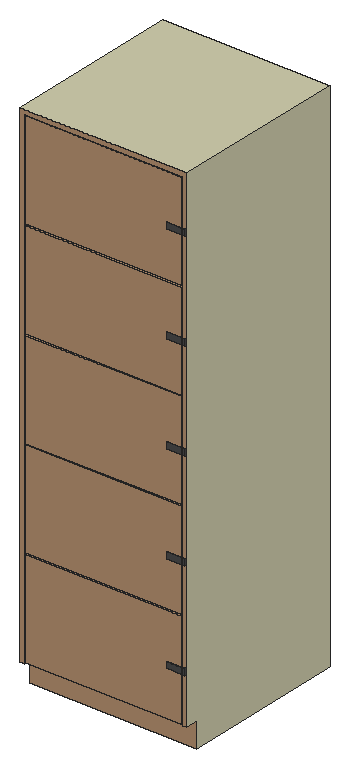
Revit family "Cabinet_Wenger_UltraStor_47", category Furniture, Revit 2015
Parameters (values of type "UltraStor Cabinet #47 - Comp Wood Doors")
  URL = "https://www.wengercorp.com/"
  Type Comments = ""
  Specification = "http://www.arcat.com/sdspecs/htm04/12_35_83wen.htm"
  Shelf Thickness = 0' - 1 1/8"
  Sales Information = "https://www.wengercorp.com/contact-us.php"
  Revision = "R1_2018-04"
  Rear Panel Thickness = 0' - 0 3/4"
  Product Data = "http://www.arcat.com/arcatcos/cos36/arc36487.html"
  Manufacturer Website = "https://www.wengercorp.com/"
  Manufacturer Phone - Toll Free = "800-4WENGER"
  Manufacturer Phone = "(507) 455-4100"
  Manufacturer Fax = "(507) 455-4258"
  Manufacturer Address = "555 Park Dr., Owatonna, MN 55060"
  Keynote = "12 35 83"
  HasDoors = yes
  Green Building-LEED = "http://www.arcat.com/green/clients/leed_data_36487.html"
  Drawn By = "Sumex Design, Inc. / Robert S. Weygant, CSI, CDT, SCIP"
  Door Width = (Cabinet Width - 0' 1 1/2")  # 2' - 2"
  Door Style = Door_Base : Solid Door
  Door Material [instance] = Wenger Cherry (Use Cherry Edge Band Only)
  Toe Kick Material [instance] = Wenger Cherry (Use Cherry Edge Band Only)
  RH End Panel [instance] = no
  Model = "#47"
  Manufacturer = "Wenger Corporation"
  LH End Panel [instance] = no
  End Panel Material [instance] = Wenger Cherry (Use Cherry Edge Band Only)
  Edge Banding Material [instance] = Wenger Cherry (Use Cherry Edge Band Only)
  Door Height = (Cabinet Height - 0' 4 3/4") / 5  # 1' - 4.175"
  Cost = 0
  Copyright = "© 2018 Arcat Inc."
  Construction Details = "http://www.arcat.com/details/wengerco/wengerco.html?coid=36487"
  Body Material [instance] = Wenger - Oyster
  Description = "Wenger UltraStor Cabinet #47 - Comp Wood Doors"
  Cabinet Width = 2' - 3 1/2"
  Cabinet Height = 7' - 1 5/8"
  Installed Depth = 2' - 5 1/4"
  Cabinet Panel Thickness = 0' - 0 3/4"
  Assembly Code = "E2010200"
Types (14): name | Rear Panel Thickness | HasDoors | Door Width | Door Style | Door Material | Model | Description | Cabinet Width | Installed Depth
  Acoustic Cabinet #47 - No Doors | 0' - 3 1/4" | no | 2' - 2" | Door_Base : Solid Door | none | "#47A" | "Wenger Acoustic Cabinet #47 - No Doors" | 2' - 3 1/2" | 2' - 7 3/4"
  Narrow Acoustic Cabinet #47 - No Doors | 0' - 3 1/4" | no | 1' - 8" | Door_Base : Solid Door | none | "#47NA" | "Wenger Narrow Acoustic Cabinet #47 - No Doors" | 1' - 9 1/2" | 2' - 7 3/4"
  Acoustic Cabinet #47 - Comp Waterfall Grille Doors | 0' - 3 1/4" | yes | 2' - 2" | Door_Base : Waterfall | Painted Black | "#47A" | "Wenger Acoustic Cabinet #47 - Comp Waterfall Grille Doors" | 2' - 3 1/2" | 2' - 7 3/4"
  Narrow Acoustic Cabinet #47 - Comp Grille Doors | 0' - 3 1/4" | yes | 1' - 8" | Door_Base : Bars | Painted Black | "#47NA" | "Wenger Narrow Acoustic Cabinet #47 - Comp Grille Doors" | 1' - 9 1/2" | 2' - 7 3/4"
  Narrow Acoustic Cabinet #47 - Comp Waterfall Grille Doors | 0' - 3 1/4" | yes | 1' - 8" | Door_Base : Waterfall | Painted Black | "#47NA" | "Wenger Narrow Acoustic Cabinet #47 - Comp Waterfall Grille Doors" | 1' - 9 1/2" | 2' - 7 3/4"
  Acoustic Cabinet #47 - Comp Grille Doors | 0' - 3 1/4" | yes | 2' - 2" | Door_Base : Bars | Painted Black | "#47A" | "Wenger Acoustic Cabinet #47 - Comp Grille Doors" | 2' - 3 1/2" | 2' - 7 3/4"
  Narrow UltraStor Cabinet #47 - No Doors | 0' - 0 3/4" | no | 1' - 8" | Door_Base : Solid Door | none | "#47N" | "Wenger Narrow Cabinet #47 - No Doors" | 1' - 9 1/2" | 2' - 5 1/4"
  Narrow UltraStor Cabinet #47 - Comp Waterfall Grille Doors | 0' - 0 3/4" | yes | 1' - 8" | Door_Base : Waterfall | Painted Black | "#47N" | "Wenger Narrow Cabinet #47 - Comp Waterfall Grille Doors" | 1' - 9 1/2" | 2' - 5 1/4"
  Narrow UltraStor Cabinet #47 - Comp Grille Doors | 0' - 0 3/4" | yes | 1' - 8" | Door_Base : Bars | Painted Black | "#47N" | "Wenger Narrow Cabinet #47 - Comp Grille Doors" | 1' - 9 1/2" | 2' - 5 1/4"
  Narrow UltraStor Cabinet #47 - Comp Wood Doors | 0' - 0 3/4" | yes | 1' - 8" | Door_Base : Solid Door | Wenger Cherry (Use Cherry Edge Band Only) | "#47N" | "Wenger Narrow Cabinet #47 - Comp Wood Doors" | 1' - 9 1/2" | 2' - 5 1/4"
  UltraStor Cabinet #47 - Comp Waterfall Grille Doors | 0' - 0 3/4" | yes | 2' - 2" | Door_Base : Waterfall | Painted Black | "#47" | "Wenger UltraStor Cabinet #47 - Comp Waterfall Grille Doors" | 2' - 3 1/2" | 2' - 5 1/4"
  UltraStor Cabinet #47 - Comp Grille Doors | 0' - 0 3/4" | yes | 2' - 2" | Door_Base : Bars | Painted Black | "#47" | "Wenger UltraStor Cabinet #47 - Comp Grille Doors" | 2' - 3 1/2" | 2' - 5 1/4"
  UltraStor Cabinet #47 - Comp Wood Doors | 0' - 0 3/4" | yes | 2' - 2" | Door_Base : Solid Door | Wenger Cherry (Use Cherry Edge Band Only) | "#47" | "Wenger UltraStor Cabinet #47 - Comp Wood Doors" | 2' - 3 1/2" | 2' - 5 1/4"
  UltraStor Cabinet #47 - No Doors | 0' - 0 3/4" | no | 2' - 2" | Door_Base : Solid Door | none | "#47" | "Wenger UltraStor Cabinet #47 - No Doors" | 2' - 3 1/2" | 2' - 5 1/4"
Reference planes (in)
  plane 1 "Front": y = 0
  plane 2: z = 0
  plane 3 "Left": x = 0
  plane 4 "Right": x = 27.5
  plane 5 "Back": y = 29.25
  plane 6 "Top": z = 85.625
  plane 7: z = 4
  plane 8: z = 20.175
  plane 9: z = 36.35
  plane 10: z = 52.525
  plane 11: z = 68.7
  plane 12: x = 0.75
  plane 13: x = 26.75
  plane 14: z = 84.875
  plane 15: x = 13.75
  plane 16: y = 28.5
  plane 17: y = 2
  plane 18: y = 0.75
  plane 19: z = 21.3
  plane 20: z = 37.475
  plane 21: z = 53.65
  plane 22: z = 69.825
  plane 23: z = 5.125
Forms (in)
  Extrusion 1, solid, material "Wenger - Oyster" <- "Body Material"
    sketch origin (0, 0, 0) x (0, 1, 0) y (0, 0, 1)
      loop
        line (0, 85.625) -> (0, 4) -> (2, 4) -> (2, 0) -> (29.25, 0) -> (29.25, 85.625) -> (0, 85.625)
    from 0 to 27.5
  Extrusion 2, void
    sketch origin (0, 0, 0) x (0, 1, 0) y (0, 0, 1)
      loop
        line (-5.5, 84.875) -> (-5.5, 4) -> (0.75, 4)
        arc (0.75, 4) -> (1.15915, 4.80234) -> (2, 5.125) r 1.25694
        line (2, 5.125) -> (28.5, 5.125) -> (28.5, 20.175) -> (0.75, 20.175)
        arc (0.75, 20.175) -> (1.18296, 20.95088) -> (2, 21.3) r 1.375
        line (2, 21.3) -> (28.5, 21.3) -> (28.5, 36.35) -> (0.75, 36.35)
        arc (0.75, 36.35) -> (1.18296, 37.12588) -> (2, 37.475) r 1.375
        line (2, 37.475) -> (28.5, 37.475) -> (28.5, 52.525) -> (0.75, 52.525)
        arc (0.75, 52.525) -> (1.18296, 53.30088) -> (2, 53.65) r 1.375
        line (2, 53.65) -> (28.5, 53.65) -> (28.5, 68.7) -> (0.75, 68.7)
        arc (0.75, 68.7) -> (1.18296, 69.47588) -> (2, 69.825) r 1.375
        line (2, 69.825) -> (28.5, 69.825) -> (28.5, 84.875) -> (-5.5, 84.875)
    from 0.75 to 26.75
  Extrusion 3, void
    sketch origin (0, 0, 0) x (0, 1, 0) y (0, 0, 1)
      loop
        line (0, 84.875) -> (0, 4) -> (0.0625, 4) -> (0.0625, 84.875) -> (0, 84.875)
    from 0.75 to 26.75
Cuts and joins
  Extrusion 2, Extrusion 3 cuts Extrusion 1
Lines and regions (in)
  Masking region 1
    outline origin (0, 0, 0) x (1, 0, 0) y (0, 1, 0)
      loop
        line (0, 29.25) -> (0, 0) -> (27.5, 0) -> (27.5, 29.25) -> (0, 29.25)
Dimensions and locks (in)
  "Cabinet Panel Thickness": plane 3 "Left" to plane 12
  "Cabinet Panel Thickness": plane 13 to plane 4 "Right"
  "Cabinet Panel Thickness": plane 5 "Back" to plane 16
  locked: plane 1 "Front" to plane 18 at 0.75
  locked: plane 1 "Front" to plane 17 at 2
  "Shelf Thickness": plane 19 to plane 8
  "Shelf Thickness": plane 20 to plane 9
  "Shelf Thickness": plane 21 to plane 10
  "Shelf Thickness": plane 22 to plane 11
  "Cabinet Panel Thickness": plane 6 "Top" to plane 14
  equal spacing: plane 14, plane 11, plane 10, plane 9, plane 8, plane 7
  "Shelf Thickness": plane 23 to plane 7
  "Cabinet Width": plane 3 "Left" to plane 4 "Right"
  locked: plane 7 to level at 4
  "Cabinet Height": plane 6 "Top" to level
  "Installed Depth": plane 1 "Front" to plane 5 "Back"
  plane 3 "Left" to plane 4 "Right" = 2' - 3 1/2"
  equal spacing: plane 5 "Back", nested 2, plane 1 "Front"
  equal spacing: plane 12, plane 15, plane 13
  aligned and locked: Extrusion 1 sketch curve to plane 6 "Top"
  aligned and locked: Extrusion 1 sketch curve to plane 5 "Back"
  aligned and locked: Extrusion 1 sketch curve to plane 1 "Front"
  aligned and locked: Extrusion 1 sketch curve to plane 7
  aligned and locked: Extrusion 1 sketch curve to plane 17
  aligned and locked: Extrusion 1 sketch curve to level
  aligned and locked: Extrusion 1 to plane 4 "Right"
  aligned and locked: Extrusion 1 to plane 3 "Left"
  aligned and locked: Extrusion 2 sketch curve to plane 14
  aligned and locked: Extrusion 2 sketch curve to plane 16
  aligned and locked: Extrusion 2 sketch curve to plane 11
  aligned and locked: Extrusion 2 sketch curve to plane 21
  aligned and locked: Extrusion 2 sketch curve to plane 10
  aligned and locked: Extrusion 2 sketch curve to plane 20
  aligned and locked: Extrusion 2 sketch curve to plane 9
  aligned and locked: Extrusion 2 sketch curve to plane 19
  aligned and locked: Extrusion 2 sketch curve to plane 8
  aligned and locked: Extrusion 2 sketch curve to plane 23
  aligned and locked: Extrusion 2 sketch curve to plane 22
  aligned and locked: Extrusion 2 to plane 12
  aligned and locked: Extrusion 3 sketch curve to cut or joined group of Extrusion 1, Extrusion 2, Extrusion 3  (x3)
  aligned and locked: Extrusion 3 to plane 13
  aligned and locked: Extrusion 3 to plane 12
  aligned and locked: nested 3 to plane 12
  aligned and locked: nested 3 to plane 11
  aligned and locked: plane 14 to nested 3
  aligned and locked: plane 11 to cut or joined group of Extrusion 1, Extrusion 2, Extrusion 3
  aligned and locked: plane 11 to nested 4
  aligned and locked: nested 4 to plane 10
  aligned and locked: plane 10 to nested 5
  aligned and locked: nested 5 to plane 9
  aligned and locked: plane 9 to nested 6
  aligned and locked: nested 6 to plane 8
  aligned and locked: plane 8 to nested 7
  aligned and locked: nested 4 to plane 12
  aligned and locked: nested 5 to plane 12
  aligned and locked: nested 6 to plane 12
  aligned and locked: nested 7 to plane 12
  aligned and locked: plane 7 to cut or joined group of Extrusion 1, Extrusion 2, Extrusion 3
  aligned and locked: nested 7 to plane 7
  aligned and locked: plane 18 to Extrusion 2 sketch curve
  aligned and locked: plane 1 "Front" to nested 8
  aligned and locked: nested 8 to level
  aligned and locked: nested 8 to plane 4 "Right"
  aligned and locked: Masking region 1 sketch curve to plane 5 "Back"
  aligned and locked: Masking region 1 sketch curve to plane 1 "Front"
  aligned and locked: plane 3 "Left" to Masking region 1 sketch curve
  aligned and locked: plane 4 "Right" to Masking region 1 sketch curve
  aligned and locked: cut or joined group of Extrusion 1, Extrusion 2, Extrusion 3 to plane 13
  aligned and locked: plane 15 to nested 2
Automatic sketch dimensions
  plane 18 to Extrusion 3 sketch curve = 0' - 0 11/16"
  Extrusion 2 sketch curve to plane 7 = 0' - 0"
  Extrusion 2 sketch curve to plane 18 = 0' - 0"  (x4)
  Extrusion 2 sketch curve to plane 17 = 0' - 0"  (x5)
  Extrusion 2 sketch curve to plane 16 = 0' - 0"  (x4)
  plane 1 "Front" to Extrusion 2 sketch curve = 0' - 5 1/2"
  Extrusion 2 sketch curve to plane 17 = 0' - 0.10279"  (x4)
Nested families (in)
  nested 1: "End Panel" at (0, 14.25, 0) x (0, -1, 0) z (0, 0, 1), End Panel Material <- "End Panel Material", visible <- "LH End Panel", Edge Banding Material <- "Edge Banding Material", type "End Panel"
    with End Panel Material Wenger Cherry (Use Cherry Edge Band Only), Edge Banding Material Wenger Cherry (Use Cherry Edge Band Only), End Panel Depth 2' - 5 1/4"
  nested 2: "Labels" at (13.75, 14.625, 0), type "Labels"
  nested 3: "Door_Base" at (13.75, 0, 68.7) x (1, 0, 0) z (0, -1, 0), type <- "Door Style", Height <- "Door Height", Width <- "Door Width", visible <- "HasDoors", type "Solid Door", detail levels medium+fine
    with vBars 24, Width 2' - 2", ToeKick Height 0' - 4", MidBar no, Height 1' - 4.175", BarHt 1' - 3.675", 2HzBars no
  nested 4: "Door_Base" at (13.75, 0, 52.525) x (1, 0, 0) z (0, -1, 0), type <- "Door Style", Height <- "Door Height", Width <- "Door Width", visible <- "HasDoors", type "Solid Door", detail levels medium+fine
    with vBars 24, Width 2' - 2", ToeKick Height 0' - 4", MidBar no, Height 1' - 4.175", BarHt 1' - 3.675", 2HzBars no
  nested 5: "Door_Base" at (13.75, 0, 36.35) x (1, 0, 0) z (0, -1, 0), type <- "Door Style", Height <- "Door Height", Width <- "Door Width", visible <- "HasDoors", type "Solid Door", detail levels medium+fine
    with vBars 24, Width 2' - 2", ToeKick Height 0' - 4", MidBar no, Height 1' - 4.175", BarHt 1' - 3.675", 2HzBars no
  nested 6: "Door_Base" at (13.75, 0, 20.175) x (1, 0, 0) z (0, -1, 0), type <- "Door Style", Height <- "Door Height", Width <- "Door Width", visible <- "HasDoors", type "Solid Door", detail levels medium+fine
    with vBars 24, Width 2' - 2", ToeKick Height 0' - 4", MidBar no, Height 1' - 4.175", BarHt 1' - 3.675", 2HzBars no
  nested 7: "Door_Base" at (13.75, 0, 4) x (1, 0, 0) z (0, -1, 0), type <- "Door Style", Height <- "Door Height", Width <- "Door Width", visible <- "HasDoors", type "Solid Door", detail levels medium+fine
    with vBars 24, Width 2' - 2", ToeKick Height 0' - 4", MidBar no, Height 1' - 4.175", BarHt 1' - 3.675", 2HzBars no
  nested 8: "End Panel" at (28.25, 14.25, 0) x (0, -1, 0) z (0, 0, 1), End Panel Material <- "End Panel Material", Edge Banding Material <- "Edge Banding Material", visible <- "RH End Panel", type "End Panel"
    with End Panel Material Wenger Cherry (Use Cherry Edge Band Only), Edge Banding Material Wenger Cherry (Use Cherry Edge Band Only), End Panel Depth 2' - 5 1/4"
Definition of nested family "End Panel"
  Parameters (values of type "End Panel")
    End Panel Material [instance] = none
    End Panel Height = 7' - 1 5/8"
    End Panel Depth = 1' - 9 3/4"
    Edge Banding Material [instance] = none
    Default Elevation = 4' - 0"
    Assembly Code = ""
  Reference planes (in)
    plane 1 "Center (Front/Back)": y = 0
    plane 2: z = 0
    plane 3 "Center (Left/Right)": x = 0
    plane 4: x = -15
    plane 5: x = 6.75
    plane 6: z = 4
    plane 7: x = 4.75
    plane 8: z = 85.625
    plane 9: y = -0.75
  Forms (in)
    Extrusion 1, solid, material <- "End Panel Material"
      sketch origin (0, 0, 0) x (1, 0, 0) y (0, 0, 1)
        loop
          line (-15, 85.625) -> (-15, 0) -> (4.75, 0) -> (4.75, 4) -> (6.75, 4) -> (6.75, 85.625) -> (-15, 85.625)
      from 0 to 0.75
  Lines and regions (in)
    Masking region 1, detail levels coarse+medium
      outline origin (0, 0, 0) x (1, 0, 0) y (0, 1, 0)
        loop
          line (-15, 0) -> (-15, -0.75) -> (6.75, -0.75) -> (6.75, 0) -> (-15, 0)
  Dimensions and locks (in)
    locked: plane 7 to plane 5 at 2
    locked: plane 6 to level at 4
    "End Panel Height": plane 8 to level
    "End Panel Depth": plane 5 to plane 4
    locked: plane 9 to plane 1 "Center (Front/Back)" at 0.75
    aligned and locked: plane 4 to Extrusion 1 sketch curve
    aligned and locked: level to Extrusion 1 sketch curve
    aligned and locked: plane 7 to Extrusion 1 sketch curve
    aligned and locked: plane 6 to Extrusion 1 sketch curve
    aligned and locked: Extrusion 1 sketch curve to plane 5
    aligned and locked: Extrusion 1 sketch curve to plane 8
    aligned and locked: Extrusion 1 to plane 9
    aligned and locked: Extrusion 1 to plane 1 "Center (Front/Back)"
    aligned and locked: plane 4 to Masking region 1 sketch curve
    aligned and locked: Masking region 1 sketch curve to plane 5
    aligned and locked: plane 1 "Center (Front/Back)" to Masking region 1 sketch curve
    aligned and locked: plane 9 to Masking region 1 sketch curve
Definition of nested family "Door_Base"
  Parameters (values of type "None")
    vBars [instance] = (Width - 0' 2") / 0' 1"  # 6
    Width [instance] = 0' - 8"
    ToeKick Height [instance] = 0' - 4"
    Thickness = 0' - 0 3/4"
    Solid Door = no
    Shelf Thickness = 0' - 0 3/4"
    Panel Thickness = 0' - 0 3/4"
    MidBar [instance] = and(Height < 1' 6", HasDoor, not(Solid Door))  # no
    Height [instance] = 1' - 2 5/8"
    HasDoor = no
    Edge Banding = none
    DoorGap = 0' - 0 1/8"
    Door Finish = none
    Depth = 2' - 0"
    Default Elevation = 4' - 0"
    Bars = no
    BarStyle = Bars : Waterfall
    BarHt [instance] = Height - 0' 0 1/2"  # 1' - 2 1/8"
    2HzBars [instance] = and(Height > 1' 6", not(Solid Door))  # no
  Types (4): name | Thickness | Solid Door | MidBar | HasDoor | Bars | BarStyle
    Solid Door | 0' - 0 3/4" | yes | no | yes | no | Bars : Waterfall
    Bars | 0' - 0 1/4" | no | yes | yes | yes | Bars : Straight
    Waterfall | 0' - 0 3/4" | no | yes | yes | yes | Bars : Waterfall
    None | 0' - 0 3/4" | no | no | no | no | Bars : Waterfall
  Reference planes (in)
    plane 1 "Center (Front/Back)": y = 0
    plane 2: z = 0
    plane 3 "Center (Left/Right)": x = 0
    plane 4: x = -4
    plane 5: y = 14.625
    plane 6: x = 4
    plane 7: z = -0.75
    plane 8: x = -3.875
    plane 9: x = 3.875
    plane 10: y = 0.125
    plane 11: y = 14.5
    plane 12: y = -0.75
    plane 13 "CL Elev": y = 7.3125
    plane 14: x = -3.75
    plane 15: x = 3.75
    plane 16 "BtmRail": y = 0.25
    plane 17: y = 14.375
    plane 18: z = -0.125
    plane 19: x = -2.75
    plane 20: x = 2.75
    plane 21: y = 9.66667
    plane 22: y = 4.95833
  Forms (in)
    Extrusion 1, solid, material <- "Door Finish", visible <- "Solid Door", detail levels medium+fine
      sketch origin (0, 0, 0) x (1, 0, 0) y (0, 1, 0)
        loop
          arc (-3.75, 14.5) -> (-3.83839, 14.46339) -> (-3.875, 14.375) r 0.125
          line (-3.875, 14.375) -> (-3.875, 0.25)
          arc (-3.875, 0.25) -> (-3.83839, 0.16161) -> (-3.75, 0.125) r 0.125
          line (-3.75, 0.125) -> (3.75, 0.125)
          arc (3.75, 0.125) -> (3.83839, 0.16161) -> (3.875, 0.25) r 0.125
          line (3.875, 0.25) -> (3.875, 14.375)
          arc (3.875, 14.375) -> (3.83839, 14.46339) -> (3.75, 14.5) r 0.125
          line (3.75, 14.5) -> (-3.75, 14.5)
      from 0 to -0.75
    Sweep 2, solid, material <- "Door Finish", visible <- "Bars", detail levels medium+fine
      path origin (0, 0, 0) x (1, 0, 0) y (0, 1, 0)
        loop
          arc (-3.125, 14.5) -> (-3.65533, 14.28033) -> (-3.875, 13.75) r 0.75
          line (-3.875, 13.75) -> (-3.875, 0.875)
          arc (-3.875, 0.875) -> (-3.65533, 0.34467) -> (-3.125, 0.125) r 0.75
          line (-3.125, 0.125) -> (3.125, 0.125)
          arc (3.125, 0.125) -> (3.65533, 0.34467) -> (3.875, 0.875) r 0.75
          line (3.875, 0.875) -> (3.875, 13.75)
          arc (3.875, 13.75) -> (3.65533, 14.28033) -> (3.125, 14.5) r 0.75
          line (3.125, 14.5) -> (-3.125, 14.5)
      profile origin (0, 14.5, 0) x (0, 1, 0) y (0, 0, 1)
        loop
          circle (-0.125, -0.125) r 0.125
    Extrusion 3, solid, material <- "Door Finish", visible <- "MidBar", detail levels medium+fine
      sketch origin (0, 0, 0) x (0, 1, 0) y (0, 0, 1)
        loop
          circle (7.3125, -0.125) r 0.125
      from -3.75 to 3.75
    Extrusion 4, solid, visible <- "HasDoor", detail levels fine
      sketch origin (0, 0, 0) x (1, 0, 0) y (0, 1, 0)
        loop
          line (1.5, 7.8125) -> (1.5, 6.8125) -> (4.5, 6.8125) -> (4.5, 7.8125) -> (1.5, 7.8125)
      from 0 to 0.125
    Extrusion 5, solid, material <- "Door Finish", visible <- "2HzBars", detail levels medium+fine
      sketch origin (0, 0, 0) x (0, 1, 0) y (0, 0, 1)
        loop
          circle (9.66667, -0.125) r 0.125
        loop
          circle (4.95833, -0.125) r 0.125
      from -3.75 to 3.75
  Lines and regions (in)
    symbolic lines, visible <- "HasDoor", detail levels medium+fine
      curve 1: line (4, 0.25, 0) -> (-4, 0.25, 0)
      curve 2: line (-4, 0.25, 0) -> (-4, 0.25, 8)
      curve 3: arc (4, 0.25, 0) -> (1.65685, 0.25, 5.65685) -> (-4, 0.25, 8) r 8
    symbolic lines, visible <- "HasDoor"
      curve 4: line (3.875, 0.25, 0) -> (3.875, 0.25, -0.75)
      curve 5: line (3.875, 0.25, -0.75) -> (-3.875, 0.25, -0.75)
      curve 6: line (-3.875, 0.25, -0.75) -> (-3.875, 0.25, 0)
    symbolic lines, detail levels medium
      curve 7: line (3.875, 14.5, 0) -> (-3.875, 7.3125, 0)
      curve 8: line (-3.875, 7.3125, 0) -> (3.875, 0.125, 0)
  Dimensions and locks (in)
    "Height": plane 1 "Center (Front/Back)" to plane 5
    "Thickness": level to plane 7
    equal spacing: plane 4, plane 3 "Center (Left/Right)", plane 6
    "Width": plane 4 to plane 6
    "DoorGap": plane 5 to plane 11
    "DoorGap": plane 9 to plane 6
    "DoorGap": plane 4 to plane 8
    "DoorGap": plane 1 "Center (Front/Back)" to plane 10
    "Shelf Thickness": plane 1 "Center (Front/Back)" to plane 12
    equal spacing: plane 1 "Center (Front/Back)", plane 13 "CL Elev", plane 5
    locked: plane 15 to plane 9 at 0.125
    locked: plane 8 to plane 14 at 0.125
    locked: plane 11 to plane 17 at 0.125
    locked: plane 16 "BtmRail" to plane 10 at 0.125
    locked: level to plane 18 at 0.125
    plane 19 to plane 14 = 0' - 1"
    locked: plane 15 to plane 20 at 1
    Extrusion 4 sketch curve to plane 13 "CL Elev" to Extrusion 4 sketch curve = 0' - 0 1/2" locked, 0' - 0 1/2" locked
    locked: plane 6 to Extrusion 4 sketch curve at 0.5
    locked: Extrusion 4 sketch curve to plane 6 at 2.5
    locked: Extrusion 4 to level at 0.125
    equal spacing: group 1, group 3, group 4, group 5, group 6, group 2  (x3)
    equal spacing: plane 17, plane 21, plane 22, plane 16 "BtmRail"
    "Width": radius of curve 3
    aligned and locked: plane 2 to level
    aligned and locked: Extrusion 1 sketch curve to plane 11
    aligned and locked: plane 8 to Extrusion 1 sketch curve
    aligned and locked: Extrusion 1 sketch curve to plane 9
    aligned and locked: plane 10 to Extrusion 1 sketch curve
    aligned and locked: Extrusion 1 to plane 7
    aligned and locked: level to Extrusion 1
    aligned and locked: Sweep 2 sketch curve to plane 11
    aligned and locked: plane 8 to Sweep 2 sketch curve
    aligned and locked: plane 10 to Sweep 2 sketch curve
    aligned and locked: Sweep 2 sketch curve to plane 9
    aligned and locked: plane 15 to Extrusion 3
    aligned and locked: Extrusion 3 to plane 14
    aligned and locked: plane 20 to nested 2
    aligned and locked: plane 19 to nested 1
    aligned and locked: plane 21 to Extrusion 5 sketch curve
    aligned and locked: plane 18 to Extrusion 5 sketch curve  (x2)
    aligned and locked: plane 22 to Extrusion 5 sketch curve
    aligned and locked: Extrusion 5 to Extrusion 3  (x2)
    aligned and locked: plane 4 to curve 3  (x2)
    aligned and locked: level to curve 3
    aligned and locked: plane 7 to curve 5
    aligned and locked: Extrusion 1 to plane 8
    aligned and locked: plane 9 to Extrusion 1
    aligned and locked: plane 10 to curve 8
    aligned and locked: plane 9 to curve 8
    aligned and locked: plane 13 "CL Elev" to curve 8
    aligned and locked: plane 11 to curve 7
    aligned and locked: plane 9 to curve 7
  Automatic sketch dimensions
    plane 8 to Sweep 2 sketch curve = 0' - 0 3/4"  (x2)
    Sweep 2 sketch curve to plane 9 = 0' - 0 3/4"
    Sweep 2 sketch curve to Sweep 2 sketch curve = 0' - 0 3/4"
    Sweep 2 sketch curve to level = 0' - 0 1/8"
    profile plane to Sweep 2 sketch curve = 0' - 0 1/8"
    Extrusion 3 sketch curve to level = 0' - 0 1/8"
    Extrusion 3 sketch curve to plane 13 "CL Elev" = 0' - 0"
    curve 8 to plane 8 = 0' - 0"
    Extrusion 1 sketch curve to plane 14 = 0' - 0"  (x2)
    Extrusion 1 sketch curve to plane 15 = 0' - 0"  (x2)
    curve 5 to plane 9 = 0' - 0"
    curve 6 to plane 8 = 0' - 0"
    radius of Sweep 2 sketch curve = 0' - 0 1/8"
    radius of Extrusion 3 sketch curve = 0' - 0 1/8"
    radius of Extrusion 5 sketch curve = 0' - 0 1/8"  (x2)
  Nested families (in)
    nested 1: "Bars" at (-2.75, 0.25, -0.125) x (1, 0, 0) z (0, 1, 0), type <- "BarStyle", visible <- "Bars", type "Waterfall", detail levels fine
      with Lateral Deviation 0' - 1", Height 1' - 2 1/8"
    nested 2: "Bars" at (2.75, 0.25, -0.125) x (1, 0, 0) z (0, 1, 0), type <- "BarStyle", visible <- "Bars", type "Waterfall", detail levels fine
      with Lateral Deviation 0' - 1", Height 1' - 2 1/8"
    nested 3: "Bars" at (-1.65, 0.25, -0.125) x (1, 0, 0) z (0, 1, 0), type <- "BarStyle", visible <- "Bars", type "Waterfall", detail levels fine
      with Lateral Deviation 0' - 1", Height 1' - 2 1/8"
    nested 4: "Bars" at (-0.55, 0.25, -0.125) x (1, 0, 0) z (0, 1, 0), type <- "BarStyle", visible <- "Bars", type "Waterfall", detail levels fine
      with Lateral Deviation 0' - 1", Height 1' - 2 1/8"
    nested 5: "Bars" at (0.55, 0.25, -0.125) x (1, 0, 0) z (0, 1, 0), type <- "BarStyle", visible <- "Bars", type "Waterfall", detail levels fine
      with Lateral Deviation 0' - 1", Height 1' - 2 1/8"
    nested 6: "Bars" at (1.65, 0.25, -0.125) x (1, 0, 0) z (0, 1, 0), type <- "BarStyle", visible <- "Bars", type "Waterfall", detail levels fine
      with Lateral Deviation 0' - 1", Height 1' - 2 1/8"
  Definition of nested family "Bars"
    Parameters (values of type "Straight")
      WaterFall = no
      Straight = yes
      Lateral Deviation = 0' - 1 1/2"
      Height = 1' - 2 5/8"
      Default Elevation = 4' - 0"
      Bars = none
    Types (3): name | WaterFall | Straight
      (no name) | no | yes
      Waterfall | yes | no
      Straight | no | yes
    Reference planes (in)
      plane 1 "Center (Front/Back)": y = 0
      plane 2: z = 0
      plane 3 "Center (Left/Right)": x = 0
      plane 4: z = 14.625
      plane 5: z = 7.3125
      plane 6: x = 0.75
      plane 7: x = -0.75
      plane 8: z = 10.96875
      plane 9: z = 3.65625
    Forms (in)
      Sweep 1, solid, material <- "Bars", visible <- "WaterFall"
        path origin (0, 0, 0) x (1, 0, 0) y (0, 0, 1)
          loop
            arc (0, 0) -> (0.56057, 1.79006) -> (0.75, 3.65625) r 9.28711
            arc (0.75, 3.65625) -> (0.56057, 5.52244) -> (0, 7.3125) r 9.28711
        profile origin (0.56057, 0, 1.79006) x (-0.979603, 0, 0.200944) y (0, -1, 0)
          loop
            circle (0, 0) r 0.0625
      Sweep 2, solid, material <- "Bars", visible <- "WaterFall"
        path origin (0, 0, 14.625) x (-1, 0, 0) y (0, 0, -1)
          loop
            arc (0, 0) -> (0.56057, 1.79006) -> (0.75, 3.65625) r 9.28711
            arc (0.75, 3.65625) -> (0.56057, 5.52244) -> (0, 7.3125) r 9.28711
        profile origin (-0.56057, 0, 12.83494) x (0.979603, 0, -0.200944) y (0, -1, 0)
          loop
            circle (0, 0) r 0.0625
      Extrusion 3, solid, material <- "Bars", visible <- "Straight"
        sketch origin (0, 0, 0) x (1, 0, 0) y (0, 1, 0)
          loop
            circle (0, 0) r 0.0625
        from 0 to 14.625
    Dimensions and locks (in)
      "Height": plane 4 to level
      equal spacing: plane 6, plane 3 "Center (Left/Right)", plane 7
      "Lateral Deviation": plane 6 to plane 7
      equal spacing: plane 4, plane 8, plane 5, plane 9, level
      aligned and locked: plane 2 to level
      aligned and locked: plane 3 "Center (Left/Right)" to Sweep 1 sketch curve  (x2)
      aligned and locked: level to Sweep 1 sketch curve
      aligned and locked: plane 6 to Sweep 1 sketch curve
      aligned and locked: plane 9 to Sweep 1 sketch curve
      aligned and locked: plane 4 to Sweep 2 sketch curve
      aligned and locked: plane 3 "Center (Left/Right)" to Sweep 2 sketch curve  (x2)
      aligned and locked: plane 8 to Sweep 2 sketch curve
      aligned and locked: plane 7 to Sweep 2 sketch curve
      aligned and locked: plane 5 to Sweep 2 sketch curve
      aligned and locked: plane 4 to Extrusion 3
      aligned and locked: Extrusion 3 to level
    Automatic sketch dimensions
      plane 1 "Center (Front/Back)" to Sweep 1 sketch curve = 0' - 0"
      Sweep 1 sketch curve to profile plane = 0' - 0"
      Sweep 1 sketch curve to Sweep 1 sketch curve = 0' - 0"
      Sweep 2 sketch curve to plane 1 "Center (Front/Back)" = 0' - 0"
      Sweep 2 sketch curve to profile plane = 0' - 0"
      plane 1 "Center (Front/Back)" to Extrusion 3 sketch curve = 0' - 0"
      Extrusion 3 sketch curve to plane 3 "Center (Left/Right)" = 0' - 0"
      radius of Sweep 1 sketch curve = 0' - 0 1/16"
      radius of Sweep 2 sketch curve = 0' - 0 1/16"
      radius of Extrusion 3 sketch curve = 0' - 0 1/16"
Definition of nested family "Labels"
  Parameters
    Cabinet Label = "01"
  Reference planes (in)
    plane 1: y = 0
    plane 2: x = 0
  Text (in)
    label "xxxx" at (-0.00018, 0.00754, 0), shows "Cabinet Label"
